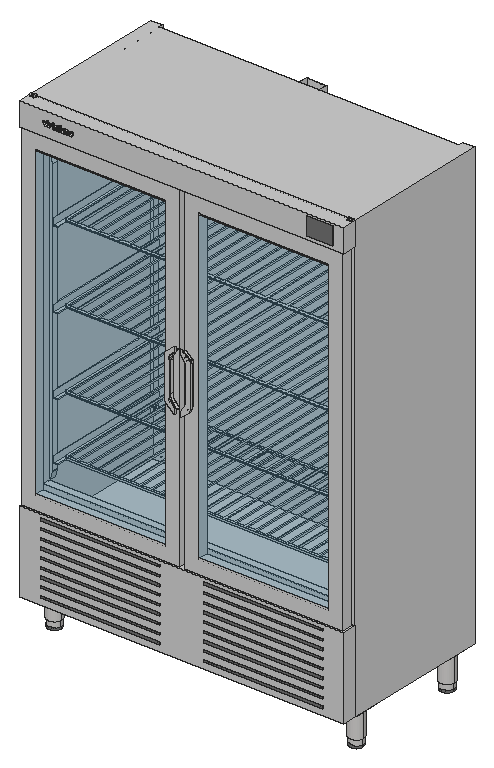
Revit family "QF_INFRICO_AEX1000TF_250814103541", category Specialty Equipment, Revit 2021 (continued)
Definition of nested family "QF_INFRICO_LEGS_REACH_INS_5363"
  Types (32, lengths in mm): name | Right offset | Rear offset | Model | Length | Left offset | Height | Front offset | Depth | CentralLegs
    LEGS_1385_740\u001f_H | 47 | 88 | "LEGS_1385_640" | 1385 | 47 | 150 | 67 | 740 | no
    LEGS_687_740_H | 47 | 88 | "LEGS_687_740_H" | 687 | 47 | 150 | 67 | 740 | no
    LEGS_1385_740_H | 47 | 88 | "LEGS_1385_740_H" | 1385 | 47 | 150 | 67 | 740 | no
  Reference planes
    plane 1 "Back": y = 0
    plane 2: z = 0
    plane 3 "Left": x = 0
    plane 4 "Right": x = 930
    plane 5 "Front": y = -756
    plane 6 "Top": z = 150
    plane 7 "Left offset": x = 136
    plane 8 "Right offset": x = 702
    plane 9 "Rear offset": y = -163
    plane 10 "Front offset": y = -696
    plane 11 "Central": x = 465
  Dimensions and locks
    "Length": plane 3 "Left" to plane 4 "Right"
    "Depth": plane 5 "Front" to plane 1 "Back"
    "Left offset": plane 3 "Left" to plane 7 "Left offset"
    "Right offset": plane 8 "Right offset" to plane 4 "Right"
    "Rear offset": plane 9 "Rear offset" to plane 1 "Back"
    "Front offset": plane 10 "Front offset" to plane 5 "Front"
    "Height": plane 6 "Top" to plane 2
    equal spacing: plane 3 "Left", plane 11 "Central", plane 4 "Right"
    aligned and locked: level to plane 2
    aligned and locked: nested 1 to plane 9 "Rear offset"
    aligned and locked: nested 2 to plane 9 "Rear offset"
    aligned and locked: nested 1 to plane 7 "Left offset"
    aligned and locked: nested 2 to plane 8 "Right offset"
    aligned and locked: nested 3 to plane 10 "Front offset"
    aligned and locked: nested 4 to plane 10 "Front offset"
    aligned and locked: nested 3 to plane 7 "Left offset"
    aligned and locked: nested 4 to plane 8 "Right offset"
    aligned and locked: nested 6 to plane 11 "Central"
    aligned and locked: nested 5 to plane 11 "Central"
    aligned and locked: nested 6 to plane 10 "Front offset"
    aligned and locked: nested 5 to plane 9 "Rear offset"
  Nested families
    nested 1: "QF_INFRICO_LEGS" at (136, -163, 0), type "QF_INFRICO_LEGS"
      with Height 150 mm
    nested 2: "QF_INFRICO_LEGS" at (702, -163, 0), type "QF_INFRICO_LEGS"
      with Height 150 mm
    nested 3: "QF_INFRICO_LEGS" at (136, -696, 0), type "QF_INFRICO_LEGS"
      with Height 150 mm
    nested 4: "QF_INFRICO_LEGS" at (702, -696, 0), type "QF_INFRICO_LEGS"
      with Height 150 mm
    nested 5: "QF_INFRICO_LEGS" at (465, -163, 0), visible <- "CentralLegs", type "QF_INFRICO_LEGS"
      with Height 150 mm
    nested 6: "QF_INFRICO_LEGS" at (465, -696, 0), visible <- "CentralLegs", type "QF_INFRICO_LEGS"
      with Height 150 mm
  Definition of nested family "QF_INFRICO_LEGS"
    Parameters
      Height = 140 mm
      Default Elevation = 0 mm
    Reference planes
      plane 1 "Center (Front/Back)": y = 0
      plane 2: z = 0
      plane 3 "Center (Left/Right)": x = 0
      plane 4 "Top": z = 140
    Forms (mm)
      Extrusion 1, solid
        sketch origin (0, 0, 140) x (0, 1, 0) y (-1, 0, 0)
          loop
            line (50, 45) -> (-50, 45) -> (-50, -45) -> (50, -45) -> (50, 45)
        from 0 to -3
      Extrusion 2, solid
        sketch origin (-199.986, 580, 0) x (1, 0, 0) y (0, 1, 0)
          loop
            circle (199.986, -580) r 28
        from 9 to 35
      Extrusion 3, solid
        sketch origin (-199.986, 580, 0) x (1, 0, 0) y (0, 1, 0)
          loop
            circle (199.986, -580) r 28.5
        from 0 to 9
      Sweep 4, solid
        path origin (0, 0, 0) x (0, 1, 0) y (0, 0, 1)
          loop
            line (0, 137) -> (0, 35)
        profile origin (0, 0, 86) x (1, 0, 0) y (0, 1, 0)
          loop
            circle (0, 0) r 32
    Dimensions and locks
      "Height": plane 4 "Top" to plane 2
      aligned and locked: level to plane 2
    Automatic sketch dimensions
      plane 1 "Center (Front/Back)" to Extrusion 1 sketch curve = 50 mm
      Extrusion 1 sketch curve to plane 1 "Center (Front/Back)" = 50 mm
      plane 3 "Center (Left/Right)" to Extrusion 1 sketch curve = 45 mm
      Extrusion 1 sketch curve to plane 3 "Center (Left/Right)" = 45 mm
      plane 1 "Center (Front/Back)" to Extrusion 2 sketch curve = 0 mm
      Extrusion 2 sketch curve to plane 3 "Center (Left/Right)" = 0 mm
      plane 1 "Center (Front/Back)" to Extrusion 3 sketch curve = 0 mm
      Extrusion 3 sketch curve to plane 3 "Center (Left/Right)" = 0 mm
      Sweep 4 sketch curve to plane 1 "Center (Front/Back)" = 0 mm
      level to Sweep 4 sketch curve = 35 mm
      Sweep 4 sketch curve to plane 4 "Top" = 3 mm
      Sweep 4 sketch curve to plane 3 "Center (Left/Right)" = 0 mm
      profile plane to Sweep 4 sketch curve = 0 mm
      radius of Extrusion 2 sketch curve = 28 mm
      radius of Extrusion 3 sketch curve = 28.5 mm
      radius of Sweep 4 sketch curve = 32 mm
Definition of nested family "CONN_POINT_DRAIN_2D___Generic_Annotation"
  Parameters (values of type "CONN_POINT_DRAIN_2D___Generic_Annotation")
    Onboard connection annotation symbol visibility [instance] = yes
  Reference planes
    plane 1: y = 0
    plane 2: x = 0
  Lines and regions (mm)
    detail lines, visible <- "Onboard connection annotation symbol visibility"
      curve 1: circle (0, 0, 0) r 0.5 normal (0, 0, 1)
      curve 2: line (-1, 0, 0) -> (1, 0, 0)
      curve 3: line (0, 1, 0) -> (0, -1, 0)
      curve 4: line (1.776, 1, 0) -> (1.25, 1, 0)
      curve 5: line (1.25, 1, 0) -> (1.25, -1, 0)
      curve 6: line (1.25, -1, 0) -> (1.776, -1, 0)
      curve 7: arc (2.206, -0.862, 0) -> (2.459, -0.589, 0) -> (2.583, -0.238, 0) r 0.918
      curve 8: arc (2.583, 0.238, 0) -> (2.459, 0.589, 0) -> (2.206, 0.862, 0) r 0.918
      curve 9: arc (2.583, -0.238, 0) -> (2.599, 0, 0) -> (2.583, 0.238, 0) r 1.77
      curve 10: arc (2.206, 0.862, 0) -> (2.002, 0.965, 0) -> (1.776, 1, 0) r 0.741
      curve 11: arc (1.776, -1, 0) -> (2.002, -0.965, 0) -> (2.206, -0.862, 0) r 0.741
Definition of nested family "CONN_POINT_ELE_2D___Generic_Annotation"
  Parameters (values of type "CONN_POINT_ELE_2D___Generic_Annotation")
    Onboard connection annotation symbol visibility [instance] = yes
  Reference planes
    plane 1: y = 0
    plane 2: x = 0
  Lines and regions (mm)
    detail lines, visible <- "Onboard connection annotation symbol visibility"
      curve 1: circle (0, 0, 0) r 0.5 normal (0, 0, 1)
      curve 2: line (-1, 0, 0) -> (1, 0, 0)
      curve 3: line (0, 1, 0) -> (0, -1, 0)
      curve 4: line (2.5, 1, 0) -> (1.25, 1, 0)
      curve 5: line (1.25, 1, 0) -> (1.25, -1, 0)
      curve 6: line (1.25, -1, 0) -> (2.5, -1, 0)
      curve 7: line (1.25, 0, 0) -> (2, 0, 0)
